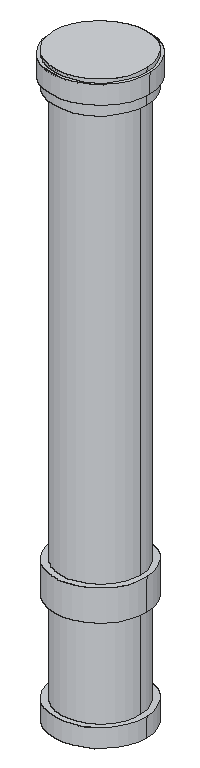
Revit family
Parameters (values of type "Typical")
  Material = none
  Offset base level = 0 mm
  Offset top level = 0 mm
  Keynote = "G"
Reference planes
  plane 1: y = 0
  plane 2: z = 0
  plane 3: x = 0
  plane 4: z = 0
  plane 5: z = 1168.4
  plane 6: z = 914.4
  plane 7: z = 152.4
  plane 8: z = 4699
  plane 9: z = 4610.1
  plane 10: z = 4851.4
  plane 11: z = 4876.8
Forms (mm)
  Extrusion 1, solid, material <- "Material"
    sketch origin (0, 0, 404.903) x (1, 0, 0) y (0, 1, 0)
      loop
        circle (0, 0) r 330.2
    from -252.503 to 509.497
  Extrusion 2, solid, material <- "Material"
    sketch origin (0, 1.344, 1165.406) x (1, 0, 0) y (0, 1, 0)
      loop
        circle (0, 0) r 381
    from -251.006 to 2.994
  Extrusion 3, solid, material <- "Material"
    sketch origin (0, -21.866, 1751.103) x (1, 0, 0) y (0, 1, 0)
      loop
        circle (0, 21.866) r 330.2
    from -582.703 to 2858.997
  Extrusion 4, solid, material <- "Material"
    sketch origin (0, 10.983, 4848.531) x (1, 0, 0) y (0, 1, 0)
      loop
        circle (0, -10.983) r 381
    from -238.431 to -149.531
  Extrusion 5, solid, material <- "Material"
    sketch origin (0, 10.983, 5034.57) x (1, 0, 0) y (0, 1, 0)
      loop
        circle (0, -10.983) r 406.4
    from -335.57 to -183.17
  Extrusion 6, solid, material <- "Material"
    sketch origin (0, 1.344, 233.97) x (1, 0, 0) y (0, 1, 0)
      loop
        circle (0, -1.344) r 381
    from -233.97 to -81.57
  Extrusion 7, solid, material <- "Material"
    sketch origin (0, 10.983, 5085.37) x (1, 0, 0) y (0, 1, 0)
      loop
        circle (0, -10.983) r 381
    from -233.97 to -208.57
Dimensions and locks
  "Offset base level": plane 4 to level
  plane 10 to plane 8 to plane 9 = 152.4 mm locked, 88.9 mm locked
  plane 5 to plane 6 to plane 7 to plane 4 = 254 mm, 762 mm, 152.4 mm
  locked: plane 11 to plane 10 at 25.4
  "Offset top level": level to plane 11
  aligned and locked: plane 7 to Extrusion 6
  aligned and locked: Extrusion 5 to plane 10
  aligned and locked: plane 10 to Extrusion 7
  aligned and locked: Extrusion 4 to plane 9
  aligned and locked: plane 9 to Extrusion 3
  aligned and locked: Extrusion 5 to plane 8
  aligned and locked: plane 8 to Extrusion 4
  aligned and locked: Extrusion 6 to plane 4
  aligned and locked: Extrusion 1 to plane 7
  aligned and locked: plane 6 to Extrusion 1
  aligned and locked: Extrusion 2 to plane 6
  aligned and locked: plane 5 to Extrusion 2
  aligned and locked: Extrusion 3 to plane 5
  aligned and locked: Extrusion 7 to plane 11
Automatic sketch dimensions
  Extrusion 2 sketch curve to plane 1 = 1.344 mm
  Extrusion 2 sketch curve to plane 3 = 0 mm
  Extrusion 2 sketch curve to plane 3 = 381 mm
  Extrusion 1 sketch curve to plane 1 = 0 mm
  Extrusion 1 sketch curve to plane 3 = 0 mm
  Extrusion 1 sketch curve to plane 3 = 330.2 mm
  Extrusion 3 sketch curve to plane 1 = 0 mm
  Extrusion 3 sketch curve to plane 3 = 0 mm
  Extrusion 3 sketch curve to plane 3 = 330.2 mm
  Extrusion 4 sketch curve to plane 1 = 0 mm
  Extrusion 4 sketch curve to plane 3 = 0 mm
  Extrusion 4 sketch curve to plane 3 = 381 mm
  Extrusion 5 sketch curve to plane 1 = 0 mm
  Extrusion 5 sketch curve to plane 3 = 0 mm
  Extrusion 5 sketch curve to plane 3 = 406.4 mm
  Extrusion 6 sketch curve to plane 1 = 0 mm
  Extrusion 6 sketch curve to plane 3 = 0 mm
  Extrusion 6 sketch curve to plane 3 = 381 mm
  Extrusion 7 sketch curve to plane 1 = 0 mm
  Extrusion 7 sketch curve to plane 3 = 0 mm
  Extrusion 7 sketch curve to plane 3 = 381 mm
